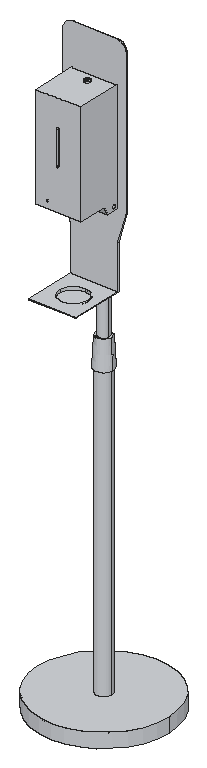
Revit family "AX9497+AX9424-HA_0012", category Modèles génériques, Revit 2016
Family settings
  Hôte = Sol
  Type d'élément = Normal
  Peut héberger une armature = Non
  Cote de connecteur circulaire = Utiliser le diamètre
  Basée sur le plan de construction = Non
  Toujours verticalement = Oui
  Couper avec des vides une fois chargée = Non
  Partagée = Non
  Point de calcul de pièce = Non
Parameters
  URL = "https://www.axeuro.com/fr/distributeurs-de-gel-hydroalcoolique-sur-pied/26176-distributeur-de-gel-hydroalcoolique-sur-pied-ax9497ax9424-ha.html"
  Type de produit / Type of product = "Distributeur sur pied / Standing dispenser"  # constant formula
  Référence / Reference = "AX9497+AX9424-HA, AX9497+AX9424-S"  # constant formula
  Entreprise / Company = "Axeuro"  # constant formula
Reference planes
  plane 1 "Centre (avant/arrière)": y = 0
  plane 2: z = 0
  plane 3 "Centre (gauche/droite)": x = 0
Forms (mm)
  Extrusion 1, solid
    sketch origin (162.428, -49.928, 0) x (1, 0, 0) y (0, 1, 0)
      loop
        circle (-162.428, 49.928) r 160
    from 0 to 35
  Extrusion 2, solid
    sketch origin (0, 0, 0) x (1, 0, 0) y (0, 1, 0)
      loop
        circle (0, 0) r 19
    from 35 to 745
  Blend 3, solid
    base sketch origin (0, 0, 880) x (1, 0, 0) y (0, 1, 0)
      loop
        circle (0, 0) r 22.5
    top sketch origin (0, 0, 0) x (1, 0, 0) y (0, 1, 0)
      loop
        circle (0, 0) r 18.456
    from -135 to 815
  Extrusion 4, solid
    sketch origin (0, 0, 0) x (1, 0, 0) y (0, 1, 0)
      loop
        circle (0, 0) r 12.5
    from 815 to 1329.4
  Extrusion 5, solid
    sketch origin (58.525, -26.5, -230.867) x (1, 0, 0) y (0, 0, 1)
      loop
        line (-1.025, 1170.867) -> (-1.025, 1280.867) -> (18.975, 1350.867) -> (18.975, 1701.731)
        arc (18.975, 1701.731) -> (12.198, 1718.09) -> (-4.161, 1724.867) r 23.136
        line (-4.161, 1724.867) -> (-112.889, 1724.867)
        arc (-112.889, 1724.867) -> (-129.249, 1718.09) -> (-136.025, 1701.731) r 23.136
        line (-136.025, 1701.731) -> (-136.025, 1350.867) -> (-116.025, 1280.867) -> (-116.025, 1170.867) -> (-1.025, 1170.867)
      loop
        arc (-108.525, 1605.867) -> (-111.025, 1603.367) -> (-108.525, 1600.867) r 2.5
        line (-108.525, 1600.867) -> (-88.525, 1600.867)
        arc (-88.525, 1600.867) -> (-86.025, 1603.367) -> (-88.525, 1605.867) r 2.5
        line (-88.525, 1605.867) -> (-108.525, 1605.867)
      loop
        arc (-28.525, 1605.867) -> (-31.025, 1603.367) -> (-28.525, 1600.867) r 2.5
        line (-28.525, 1600.867) -> (-8.525, 1600.867)
        arc (-8.525, 1600.867) -> (-6.025, 1603.367) -> (-8.525, 1605.867) r 2.5
        line (-8.525, 1605.867) -> (-28.525, 1605.867)
      loop
        arc (-108.525, 1487.867) -> (-111.025, 1485.367) -> (-108.525, 1482.867) r 2.5
        line (-108.525, 1482.867) -> (-88.525, 1482.867)
        arc (-88.525, 1482.867) -> (-86.025, 1485.367) -> (-88.525, 1487.867) r 2.5
        line (-88.525, 1487.867) -> (-108.525, 1487.867)
      loop
        arc (-28.525, 1487.867) -> (-31.025, 1485.367) -> (-28.525, 1482.867) r 2.5
        line (-28.525, 1482.867) -> (-8.525, 1482.867)
        arc (-8.525, 1482.867) -> (-6.025, 1485.367) -> (-8.525, 1487.867) r 2.5
        line (-8.525, 1487.867) -> (-28.525, 1487.867)
      loop
        arc (-108.525, 1512.367) -> (-111.025, 1509.867) -> (-108.525, 1507.367) r 2.5
        line (-108.525, 1507.367) -> (-88.525, 1507.367)
        arc (-88.525, 1507.367) -> (-86.025, 1509.867) -> (-88.525, 1512.367) r 2.5
        line (-88.525, 1512.367) -> (-108.525, 1512.367)
      loop
        arc (-28.525, 1512.367) -> (-31.025, 1509.867) -> (-28.525, 1507.367) r 2.5
        line (-28.525, 1507.367) -> (-8.525, 1507.367)
        arc (-8.525, 1507.367) -> (-6.025, 1509.867) -> (-8.525, 1512.367) r 2.5
        line (-8.525, 1512.367) -> (-28.525, 1512.367)
      loop
        circle (-31.763, 1610.367) r 2.5
      loop
        circle (-85.288, 1610.367) r 2.5
    from 0 to 1.496
  Extrusion 6, solid
    sketch origin (-109.482, -92.345, -288.1) x (1, 0, 0) y (0, 1, 0)
      loop
        line (51.982, 65.845) -> (51.982, -64.155) -> (166.982, -64.155) -> (166.982, 65.845) -> (51.982, 65.845)
      loop
        circle (109.482, 0.097) r 35
    from 1228.1 to 1229.6
  Extrusion 7, solid
    sketch origin (0, -26.5, -230.867) x (1, 0, 0) y (0, 1, 0)
      loop
        circle (0, -65.748) r 35
    from 1165.367 to 1172.367
  Extrusion 8, void
    sketch origin (0, -14, -16) x (1, 0, 0) y (0, 0, 1)
      loop
        line (27.5, 1329.4) -> (27.5, 1357.5)
        arc (27.5, 1357.5) -> (0, 1385) -> (-27.5, 1357.5) r 27.5
        line (-27.5, 1357.5) -> (-27.5, 1329.4) -> (27.5, 1329.4)
    from 12.5 to 13.996
  Extrusion 9, solid
    sketch origin (0, 0, -17.496) x (1, 0, 0) y (0, 1, 0)
      loop
        circle (0, 0) r 15
    from 1332.392 to 1336.359
  Extrusion 10, void
    sketch origin (0, -14, -196) x (1, 0, 0) y (0, 0, 1)
      loop
        line (27.5, 1329.4) -> (27.5, 1357.5)
        arc (27.5, 1357.5) -> (0, 1385) -> (-27.5, 1357.5) r 27.5
        line (-27.5, 1357.5) -> (-27.5, 1329.4) -> (27.5, 1329.4)
    from 12.5 to 13.996
  Extrusion 11, solid
    sketch origin (0, -1355.9, 1300.9) x (1, 0, 0) y (0, 1, 0)
      loop
        line (-27.5, 1357.5) -> (-27.5, 1329.4) -> (27.5, 1329.4) -> (27.5, 1357.5)
        arc (27.5, 1357.5) -> (0, 1385) -> (-27.5, 1357.5) r 27.5
    from 12.5 to 13.996
  Extrusion 12, solid
    sketch origin (0, -1355.9, 1120.9) x (1, 0, 0) y (0, 1, 0)
      loop
        line (-27.5, 1357.5) -> (-27.5, 1329.4) -> (27.5, 1329.4) -> (27.5, 1357.5)
        arc (27.5, 1357.5) -> (0, 1385) -> (-27.5, 1357.5) r 27.5
    from 12.5 to 13.996
  Extrusion 13, void
    sketch origin (0, 0, 0) x (1, 0, 0) y (0, 1, 0)
      loop
        circle (0, -92.248) r 33.469
    from 936 to 941.5
  Extrusion 14, solid
    sketch origin (-45.053, 118.244, 853) x (-1, 0, 0) y (0, -1, 0)
      loop
        line (-100.053, 146.24) -> (9.947, 146.24) -> (9.947, 256.24) -> (-100.053, 256.24) -> (-100.053, 146.24)
    from 270 to 540
  Extrusion 15, void
    sketch origin (0, 47.004, 853) x (0, -1, 0) y (0, 0, 1)
      loop
        line (105, 270) -> (185, 270) -> (185, 290) -> (117, 290) -> (105, 270)
    from -55 to 55
  Extrusion 16, void
    sketch origin (48.587, 47.004, 880.144) x (-1, 0, 0) y (0, 0, 1)
      loop
        arc (19.087, 496.877) -> (21.587, 488.856) -> (24.087, 496.877) r 4.4
        line (24.087, 496.877) -> (24.087, 499.356)
        arc (24.087, 499.356) -> (21.587, 501.856) -> (19.087, 499.356) r 2.5
        line (19.087, 499.356) -> (19.087, 496.877)
    from -75.849 to -75
  Extrusion 17, void
    sketch origin (-48.587, 47.004, 880.144) x (1, 0, 0) y (0, 0, -1)
      loop
        line (19.087, -496.877) -> (19.087, -499.356)
        arc (19.087, -499.356) -> (21.587, -501.856) -> (24.087, -499.356) r 2.5
        line (24.087, -499.356) -> (24.087, -496.877)
        arc (24.087, -496.877) -> (21.587, -488.856) -> (19.087, -496.877) r 4.4
    from -75.849 to -75
  Extrusion 18, void
    sketch origin (0, 47.004, 846.003) x (1, 0, 0) y (0, 0, -1)
      loop
        circle (-35.5, -398) r 2.5
    from -75.849 to -75
  Extrusion 19, void
    sketch origin (0, 47.004, 846.003) x (-1, 0, 0) y (0, 0, 1)
      loop
        circle (-35.5, 398) r 2.5
    from -75.849 to -75
  Revolve 20, solid
    sketch origin (0, -38.996, 850.447) x (-1, 0, 0) y (0, 0, 1)
      loop
        line (55, 282.053) -> (57, 282.053)
        arc (57, 282.053) -> (56.566, 284.554) -> (55, 286.553) r 5.204
        line (55, 286.553) -> (55, 282.053)
      axis (55, 282.053) -> (57, 282.053)
    angle from 0 to 360
  Revolve 21, solid
    sketch origin (0, -38.996, 850.447) x (1, 0, 0) y (0, 0, -1)
      loop
        line (55, -282.053) -> (55, -286.553)
        arc (55, -286.553) -> (56.566, -284.554) -> (57, -282.053) r 5.204
        line (57, -282.053) -> (55, -282.053)
      axis (55, -282.053) -> (57, -282.053)
    angle from 0 to 360
  Extrusion 22, void
    sketch origin (7.15, -27.996, 841.028) x (-1, 0, 0) y (0, 0, 1)
      loop
        circle (32.65, 319.472) r 2.5
    from -110 to -108.683
  Extrusion 23, solid
    sketch origin (90.696, 91.047, 853) x (-1, 0, 0) y (0, -1, 0)
      loop
        circle (90.696, 141.543) r 7.5
      loop
        circle (90.696, 141.543) r 3.506
    from 540 to 541.5
  Extrusion 24, solid
    sketch origin (0, 50.51, 853) x (-1, 0, 0) y (0, -1, 0)
      loop
        circle (0, 101.006) r 2.421
    from 540 to 541.5
  Extrusion 25, void
    sketch origin (0, 46.995, 853) x (1, 0, 0) y (0, 1, 0)
      loop
        line (-3.922, -97.938) -> (-1.695, -97.938) -> (-1.695, -97.043) -> (-3.922, -97.043) -> (-3.922, -97.938)
    from 540 to 541.5
  Extrusion 26, void
    sketch origin (-104.781, -27.996, 800.178) x (-1, 0, 0) y (0, 0, 1)
      loop
        arc (-100.781, 524.822) -> (-104.781, 528.822) -> (-108.781, 524.822) r 4
        line (-108.781, 524.822) -> (-108.781, 444.822)
        arc (-108.781, 444.822) -> (-104.781, 440.822) -> (-100.781, 444.822) r 4
        line (-100.781, 444.822) -> (-100.781, 524.822)
    from -110 to -108.683
Cuts and joins
  Extrusion 8, Extrusion 10 cuts Extrusion 5
  Extrusion 8, Extrusion 10, Extrusion 13 cuts Extrusion 6
  Extrusion 13 cuts Extrusion 7
  joined: Extrusion 5, Extrusion 6, Extrusion 7, Extrusion 11
  Extrusion 8 cuts Extrusion 4
  Extrusion 10 cuts Extrusion 9
  Extrusion 13 cuts Extrusion 1
  Extrusion 15, Extrusion 16, Extrusion 17, Extrusion 18, Extrusion 19, Extrusion 22, Extrusion 26 cuts Extrusion 14
  Extrusion 25 cuts Extrusion 23
  Extrusion 25 cuts Extrusion 24
Lines and regions (mm)
  reference lines
    curve 1: line (0, 43.1, 0) -> (0, 29.1, 0)
Dimensions and locks
  aligned and locked: level to plane 2
